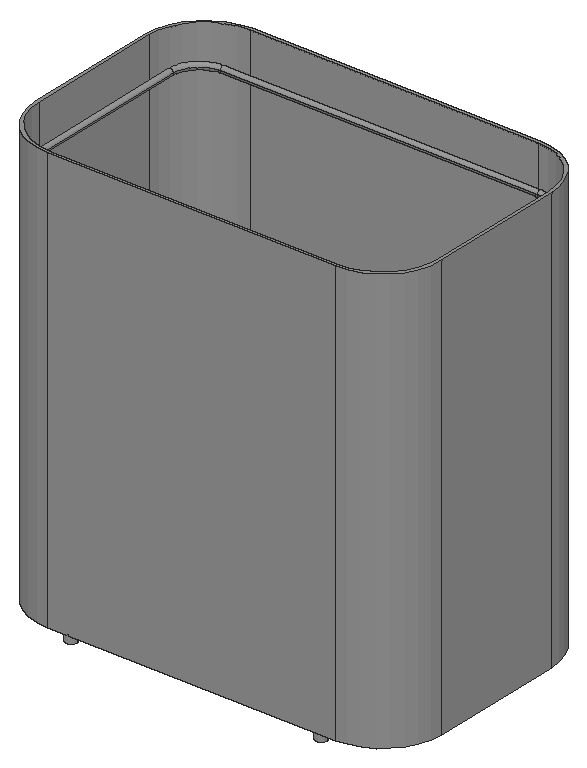
Revit family "REVIT-MG-1058-Drop-", category Furniture, Revit 2016
Family settings
  OmniClass Number = 23.40.20.00
  OmniClass Title = General Furniture and Specialties
  Work Plane-Based = No
  Always vertical = Yes
  Cut with Voids When Loaded = No
  Shared = No
  Room Calculation Point = No
Parameters (values of type "MG-1058")
  URL = "www.magnusongroup.com"
  Type Comments = "Stand Alone"  # constant formula
  Salvage or Reuse = yes
  Percentage of Recycled Content = 0
  Model = "MG-1058"
  Manufacturer = "Magnuson Group"  # constant formula
  Low Emitting Material = yes
  Low Emitting Finish = yes
  Revit File Built By = "https://servex-us.com/servex-revit/"
  Description = "Drop Waste Receptacles"
Reference planes (in)
  plane 1 "Center Front/Back": y = 0
  plane 2: z = 0
  plane 3 "Center Left/Right": x = 0
Dimensions and locks (in)
  aligned and locked: level to plane 2
Nested families (in)
  nested 1: "Magnuson-Drop-Waste_Bin" at (19.50607, 5.6773, 0), type "Drop-10"
Definition of nested family "Magnuson-Drop-Waste_Bin"
  Parameters (values of type "Drop Mini")
    Width = 8.66142"
    URL = "www.magnusongroup.com"
    Type Comments = "Drop Waste Receptacles"  # constant formula
    Salvage or Reuse = yes
    Percentage of Recycled Content = 0
    Painted Steel = none
    Model = "Drop Mini"
    Manufacturer = "Magnuson Group"  # constant formula
    Low Emitting Material = yes
    Low Emitting Finish = yes
    Keynote = "12500"
    Height = 11.81102"
    Description = "Metal waste bin with stainless steel bag ring. Capacity 9.51 gallons"
    Depth = 8.66142"
    Cost = 0
    Assembly Code = "E2020200"
  Types (3): name | Width | Model | Height | Description | Depth
    Drop-10 | 13.77953" | "Drop-10" | 14.68504" | "Metal waste bin with stainless steel bag ring. Capacity 7.66 gallons" | 8.66142"
    Drop-20 | 16.53543" | "Drop-20" | 18.89764" | "Metal waste bin with stainless steel bag ring. Capacity 9.51 gallons" | 7.08661"
    Drop Mini | 8.66142" | "Drop Mini" | 11.81102" | "Metal waste bin with stainless steel bag ring. Capacity 9.51 gallons" | 8.66142"
  Reference planes (in)
    plane 1 "Center (Front/Back)": y = 0
    plane 2: z = 0
    plane 3 "Center (Left/Right)": x = 0
    plane 4: y = 4.33071
    plane 5: y = -4.33071
    plane 6: x = -4.33071
    plane 7: x = 4.33071
    plane 8: z = 11.81102
    plane 9: z = 0.25
    plane 10: z = 10.65002
    plane 11: z = 0.35
    plane 12: y = 4.13071
    plane 13: y = -4.13071
    plane 14: x = 1.68671
    plane 15: x = -1.68671
    plane 16: x = -4.23071
    plane 17: x = 4.23071
    plane 18: y = 4.23071
    plane 19: y = -4.23071
    plane 20: y = 3.72271
    plane 21: y = -3.72271
    plane 22: x = -3.82471
    plane 23: x = 3.82471
    plane 24: x = 3.92471
    plane 25: x = 3.72471
    plane 26: x = -3.72471
    plane 27: x = -3.92471
    plane 28: y = 3.62271
    plane 29: y = 3.82271
    plane 30: y = -3.62271
    plane 31: y = -3.82271
  Forms (in)
    Extrusion 1, solid, material <- "Painted Steel"
      sketch origin (0, 0, 0) x (1, 0, 0) y (0, 1, 0)
        loop
          arc (-2.33071, 4.33071) -> (-3.74492, 3.74492) -> (-4.33071, 2.33071) r 2
          line (-4.33071, 2.33071) -> (-4.33071, -2.33071)
          arc (-4.33071, -2.33071) -> (-3.74492, -3.74492) -> (-2.33071, -4.33071) r 2
          line (-2.33071, -4.33071) -> (2.33071, -4.33071)
          arc (2.33071, -4.33071) -> (3.74492, -3.74492) -> (4.33071, -2.33071) r 2
          line (4.33071, -2.33071) -> (4.33071, 2.33071)
          arc (4.33071, 2.33071) -> (3.74492, 3.74492) -> (2.33071, 4.33071) r 2
          line (2.33071, 4.33071) -> (-2.33071, 4.33071)
        loop
          arc (-2.33071, 4.23071) -> (-3.67421, 3.67421) -> (-4.23071, 2.33071) r 1.9
          line (-4.23071, 2.33071) -> (-4.23071, -2.33071)
          arc (-4.23071, -2.33071) -> (-3.67421, -3.67421) -> (-2.33071, -4.23071) r 1.9
          line (-2.33071, -4.23071) -> (2.33071, -4.23071)
          arc (2.33071, -4.23071) -> (3.67421, -3.67421) -> (4.23071, -2.33071) r 1.9
          line (4.23071, -2.33071) -> (4.23071, 2.33071)
          arc (4.23071, 2.33071) -> (3.67421, 3.67421) -> (2.33071, 4.23071) r 1.9
          line (2.33071, 4.23071) -> (-2.33071, 4.23071)
      from 0.25 to 11.81102
    Extrusion 2, solid
      sketch origin (0, 0, 0) x (1, 0, 0) y (0, 1, 0)
        loop
          line (-4.23071, 2.33071) -> (-4.23071, -2.33071)
          arc (-4.23071, -2.33071) -> (-3.67421, -3.67421) -> (-2.33071, -4.23071) r 1.9
          line (-2.33071, -4.23071) -> (2.33071, -4.23071)
          arc (2.33071, -4.23071) -> (3.67421, -3.67421) -> (4.23071, -2.33071) r 1.9
          line (4.23071, -2.33071) -> (4.23071, 2.33071)
          arc (4.23071, 2.33071) -> (3.67421, 3.67421) -> (2.33071, 4.23071) r 1.9
          line (2.33071, 4.23071) -> (-2.33071, 4.23071)
          arc (-2.33071, 4.23071) -> (-3.67421, 3.67421) -> (-4.23071, 2.33071) r 1.9
      from 0.25 to 0.35
    Extrusion 3, solid
      sketch origin (0, 0, 0) x (1, 0, 0) y (0, 1, 0)
        loop
          circle (1.68671, 4.13071) r 0.2
        loop
          circle (1.68671, -4.13071) r 0.2
        loop
          circle (-1.68671, 4.13071) r 0.2
        loop
          circle (-1.68671, -4.13071) r 0.2
      from 0 to 0.25
    Sweep 4, solid
      path origin (-9.72896, -60, 10.65002) x (-1, 0, 0) y (0, -1, 0)
        loop
          line (-5.90425, -62.72271) -> (-5.90425, -57.27729)
          arc (-5.90425, -57.27729) -> (-6.19714, -56.57018) -> (-6.90425, -56.27729) r 1
          line (-6.90425, -56.27729) -> (-12.55367, -56.27729)
          arc (-12.55367, -56.27729) -> (-13.26077, -56.57018) -> (-13.55367, -57.27729) r 1
          line (-13.55367, -57.27729) -> (-13.55367, -62.72271)
          arc (-13.55367, -62.72271) -> (-13.26077, -63.42982) -> (-12.55367, -63.72271) r 1
          line (-12.55367, -63.72271) -> (-6.90425, -63.72271)
          arc (-6.90425, -63.72271) -> (-6.19714, -63.42982) -> (-5.90425, -62.72271) r 1
      profile origin (-3.53182, 3.42982, 10.65002) x (-0.707107, 0.707107, 0) y (0, 0, 1)
        loop
          circle (0, 0) r 0.1
  Lines and regions (in)
    symbolic lines
      curve 1: line (-2.82471, 3.72271, 0) -> (2.82471, 3.72271, 0)
      curve 2: line (-3.82471, -2.72271, 0) -> (-3.82471, 2.72271, 0)
      curve 3: line (2.82471, -3.72271, 0) -> (-2.82471, -3.72271, 0)
      curve 4: line (3.82471, 2.72271, 0) -> (3.82471, -2.72271, 0)
      curve 5: arc (-3.82471, 2.72271, 0) -> (-3.53182, 3.42982, 0) -> (-2.82471, 3.72271, 0) r 1
      curve 6: arc (3.82471, 2.72271, 0) -> (3.53182, 3.42982, 0) -> (2.82471, 3.72271, 0) r 1
      curve 7: arc (-3.82471, -2.72271, 0) -> (-3.53182, -3.42982, 0) -> (-2.82471, -3.72271, 0) r 1
      curve 8: arc (3.82471, -2.72271, 0) -> (3.53182, -3.42982, 0) -> (2.82471, -3.72271, 0) r 1
      curve 9: line (2.33071, 4.33071, 10.65002) -> (-2.33071, 4.33071, 10.65002)
      curve 10: arc (-2.33071, 4.33071, 10.65002) -> (-3.74492, 3.74492, 10.65002) -> (-4.33071, 2.33071, 10.65002) r 2
      curve 11: line (-4.33071, 2.33071, 10.65002) -> (-4.33071, -2.33071, 10.65002)
      curve 12: arc (-4.33071, -2.33071, 10.65002) -> (-3.74492, -3.74492, 10.65002) -> (-2.33071, -4.33071, 10.65002) r 2
      curve 13: line (-2.33071, -4.33071, 10.65002) -> (2.33071, -4.33071, 10.65002)
      curve 14: arc (2.33071, -4.33071, 10.65002) -> (3.74492, -3.74492, 10.65002) -> (4.33071, -2.33071, 10.65002) r 2
      curve 15: line (4.33071, -2.33071, 10.65002) -> (4.33071, 2.33071, 10.65002)
      curve 16: arc (4.33071, 2.33071, 10.65002) -> (3.74492, 3.74492, 10.65002) -> (2.33071, 4.33071, 10.65002) r 2
      curve 17: arc (-4.23071, 2.33071, 10.65002) -> (-3.67421, 3.67421, 10.65002) -> (-2.33071, 4.23071, 10.65002) r 1.9
      curve 18: line (-2.33071, 4.23071, 10.65002) -> (2.33071, 4.23071, 10.65002)
      curve 19: arc (2.33071, 4.23071, 10.65002) -> (3.67421, 3.67421, 10.65002) -> (4.23071, 2.33071, 10.65002) r 1.9
      curve 20: line (4.23071, 2.33071, 10.65002) -> (4.23071, -2.33071, 10.65002)
      curve 21: arc (4.23071, -2.33071, 10.65002) -> (3.67421, -3.67421, 10.65002) -> (2.33071, -4.23071, 10.65002) r 1.9
      curve 22: line (2.33071, -4.23071, 10.65002) -> (-2.33071, -4.23071, 10.65002)
      curve 23: arc (-2.33071, -4.23071, 10.65002) -> (-3.67421, -3.67421, 10.65002) -> (-4.23071, -2.33071, 10.65002) r 1.9
      curve 24: line (-4.23071, -2.33071, 10.65002) -> (-4.23071, 2.33071, 10.65002)
      curve 25: line (-2.82471, -3.62271, 10.65002) -> (2.82471, -3.62271, 10.65002)
      curve 26: line (2.82471, -3.82271, 10.65002) -> (-2.82471, -3.82271, 10.65002)
      curve 27: line (-3.92471, -2.72271, 10.65002) -> (-3.92471, 2.72271, 10.65002)
      curve 28: line (-3.72471, 2.72271, 10.65002) -> (-3.72471, -2.72271, 10.65002)
      curve 29: line (2.82471, 3.62271, 10.65002) -> (-2.82471, 3.62271, 10.65002)
      curve 30: line (-2.82471, 3.82271, 10.65002) -> (2.82471, 3.82271, 10.65002)
      curve 31: line (3.72471, -2.72271, 10.65002) -> (3.72471, 2.72271, 10.65002)
      curve 32: line (3.92471, 2.72271, 10.65002) -> (3.92471, -2.72271, 10.65002)
      curve 33: arc (-3.92471, 2.72271, 10.65002) -> (-3.60253, 3.50053, 10.65002) -> (-2.82471, 3.82271, 10.65002) r 1.1
      curve 34: arc (-2.82471, 3.62271, 10.65002) -> (-3.4611, 3.3591, 10.65002) -> (-3.72471, 2.72271, 10.65002) r 0.9
      curve 35: arc (3.92471, 2.72271, 10.65002) -> (3.60253, 3.50053, 10.65002) -> (2.82471, 3.82271, 10.65002) r 1.1
      curve 36: arc (2.82471, 3.62271, 10.65002) -> (3.4611, 3.3591, 10.65002) -> (3.72471, 2.72271, 10.65002) r 0.9
      curve 37: arc (-3.92471, -2.72271, 10.65002) -> (-3.60253, -3.50053, 10.65002) -> (-2.82471, -3.82271, 10.65002) r 1.1
      curve 38: arc (-2.82471, -3.62271, 10.65002) -> (-3.4611, -3.3591, 10.65002) -> (-3.72471, -2.72271, 10.65002) r 0.9
      curve 39: arc (3.92471, -2.72271, 10.65002) -> (3.60253, -3.50053, 10.65002) -> (2.82471, -3.82271, 10.65002) r 1.1
      curve 40: arc (2.82471, -3.62271, 10.65002) -> (3.4611, -3.3591, 10.65002) -> (3.72471, -2.72271, 10.65002) r 0.9
  Dimensions and locks (in)
    equal spacing: plane 5, plane 1 "Center (Front/Back)", plane 4
    "Depth": plane 4 to plane 5
    equal spacing: plane 6, plane 3 "Center (Left/Right)", plane 7
    "Width": plane 6 to plane 7
    "Height": plane 8 to plane 2
    plane 11 to plane 9 to plane 2 = 0.1" locked, 1/4" locked
    locked: plane 8 to plane 10 at 1.161
    locked: plane 4 to plane 12 at 0.2
    locked: plane 5 to plane 13 at 0.2
    locked: plane 14 to plane 7 at 2.644
    locked: plane 6 to plane 15 at 2.644
    locked: plane 6 to plane 16 at 0.1
    locked: plane 17 to plane 7 at 0.1
    locked: plane 4 to plane 18 at 0.1
    locked: plane 5 to plane 19 at 0.1
    locked: plane 4 to plane 20 at 0.608
    locked: plane 5 to plane 21 at 0.608
    locked: plane 6 to plane 22 at 0.506
    locked: plane 23 to plane 7 at 0.506
    plane 31 to plane 21 to plane 30 = 0.1" locked, 0.1" locked
    plane 28 to plane 20 to plane 29 = 0.1" locked, 0.1" locked
    plane 25 to plane 23 to plane 24 = 0.1" locked, 0.1" locked
    plane 27 to plane 22 to plane 26 = 0.1" locked, 0.1" locked
    aligned and locked: level to plane 2
    aligned and locked: Extrusion 1 sketch curve to plane 4
    aligned and locked: plane 6 to Extrusion 1 sketch curve
    aligned and locked: Extrusion 1 sketch curve to plane 5
    aligned and locked: plane 7 to Extrusion 1 sketch curve
    aligned and locked: Extrusion 1 sketch curve to plane 18
    aligned and locked: plane 16 to Extrusion 1 sketch curve
    aligned and locked: Extrusion 1 sketch curve to plane 19
    aligned and locked: plane 17 to Extrusion 1 sketch curve
    aligned and locked: Extrusion 1 to plane 9
    aligned and locked: Extrusion 2 sketch curve to Extrusion 1  (x4)
    aligned and locked: Extrusion 2 to plane 9
    aligned and locked: plane 11 to Extrusion 2
    aligned and locked: plane 8 to Extrusion 1
    aligned and locked: plane 14 to Extrusion 3 sketch curve
    aligned and locked: plane 12 to Extrusion 3 sketch curve  (x2)
    aligned and locked: Extrusion 3 sketch curve to plane 14
    aligned and locked: Extrusion 3 sketch curve to plane 13  (x2)
    aligned and locked: plane 15 to Extrusion 3 sketch curve  (x2)
    aligned and locked: Extrusion 3 to level
    aligned and locked: plane 9 to Extrusion 3
    aligned and locked: curve 1 to plane 20
    aligned and locked: plane 22 to curve 2
    aligned and locked: curve 3 to plane 21
    aligned and locked: plane 23 to curve 4
    aligned and locked: Sweep 4 sketch curve to curve 5
    aligned and locked: Sweep 4 sketch curve to curve 6
    aligned and locked: Sweep 4 sketch curve to curve 7
    aligned and locked: Sweep 4 sketch curve to curve 8
    aligned and locked: plane 30 to curve 25
    aligned and locked: curve 26 to plane 31
    aligned and locked: curve 29 to plane 28
    aligned and locked: plane 29 to curve 30
    aligned and locked: plane 26 to curve 28
    aligned and locked: curve 27 to plane 27
    aligned and locked: curve 31 to plane 25
    aligned and locked: plane 24 to curve 32
  Automatic sketch dimensions
    Extrusion 1 sketch curve to Extrusion 1 sketch curve = 0"  (x4)
    plane 15 to Extrusion 1 sketch curve = 0.644"  (x2)
    plane 14 to Extrusion 1 sketch curve = 0.644"  (x2)
    curve 7 to plane 21 = 1"
    curve 5 to plane 20 = 1"
    curve 6 to plane 20 = 1"
    curve 4 to plane 21 = 1"
    plane 10 to Sweep 4 sketch curve = 0"
    Sweep 4 sketch curve to profile plane = 0"
    curve 10 to curve 17 = 0"  (x2)
    curve 12 to curve 23 = 0"  (x2)
    curve 14 to curve 21 = 0"  (x2)
    curve 16 to curve 19 = 0"
    curve 33 to curve 34 = 0"
    curve 35 to curve 36 = 0"
    curve 37 to curve 38 = 0"
    curve 39 to curve 40 = 0"
    curve 15 to plane 7 = 0"
    curve 21 to plane 17 = 0"
    curve 19 to plane 18 = 0"
    plane 19 to curve 21 = 0"
    curve 24 to plane 16 = 0"
    curve 40 to curve 39 = 0.9"
    plane 25 to curve 30 = 0.9"
    curve 35 to curve 19 = 0.494"
    curve 40 to curve 21 = 0.494"
    plane 15 to curve 22 = 0.644"
    plane 15 to curve 9 = 0.644"
    curve 17 to curve 30 = 0.494"
    curve 12 to curve 37 = 0.494"
    radius of Extrusion 3 sketch curve = 0.2"  (x4)
    radius of Sweep 4 sketch curve = 0.1"
